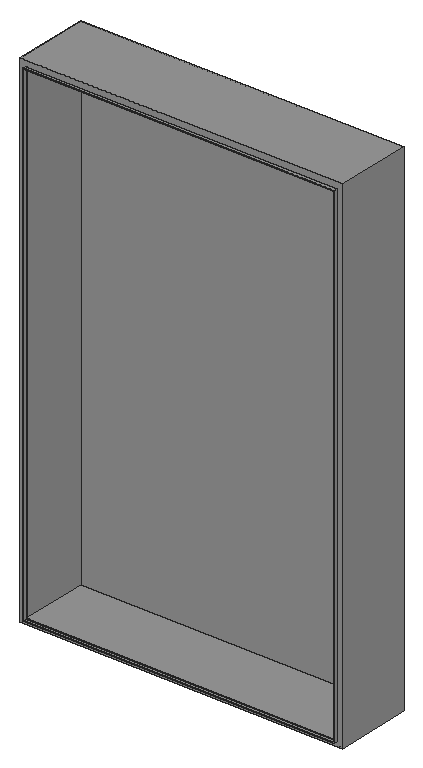
Revit family "Hager-Univers-IP30-D205-H1250-Cl.II-Encl-NoHosted-CH-de", category Equipement électrique, Revit 2020
Family settings
  Configuration du panneau = Deux colonnes, circuits au sein
  Cote de connecteur circulaire = Utiliser le diamètre
  Type d'élément = Tableau de raccordement
  Basée sur le plan de construction = Oui
  Toujours verticalement = Oui
  Couper avec des vides une fois chargée = Non
  Partagée = Non
  Point de calcul de pièce = Non
Parameters (values of type "Aufputz IP30 B800 H1250 T205  - FP83Q1S")
  Width Control [instance] = if([EF000008 - Breite] > Min Width, [EF000008 - Breite], Min Width)  # 800 mm
  Commentaires du type = [HG000003 - Bereich]  # "Univers"
  Thickness Door [instance] = if([EF009171 - Materialstärke Tür/Deckel] > 3 mm, 3 mm, [EF009171 - Materialstärke Tür/Deckel])  # 1 mm
  Seal Frame Offset [instance] = 17 mm  # constant formula
  Plinth Visibility [instance] = [HG000027 - Sockelhöhe] > 0 mm  # no
  Min Width [instance] = 100 mm  # constant formula
  Min Depth [instance] = (2 * [EF009170 - Materialstärke Gehäuse]) + 1 mm  # 3 mm
  Min Height [instance] = 100 mm  # constant formula
  Internal Frame Depth [instance] = (Door System Depth * 0.5)  # 9 mm
  Panel Name [instance] = ""  # (empty or 0)
  Model = ""
  HG000027 - Sockelhöhe = 0 mm
  HG000026 - Stehend auf dem Boden = no
  HG000024 - Höhe des unteren Teils = 600 mm
  HG000023 - Gehäuse mit doppeltem Querschnitt = no
  HG000016 - 3D-Türsichtbarkeit [instance] = yes
  HG000015 - Sichtbarkeit der Türöffnung [instance] = no
  HG000014 - Tür rechts [instance] = yes
  HG000013 - Tür links [instance] = not([HG000014 - Tür rechts])  # no
  HG000012 - Türschwenkwinkel [instance] = 30.00°
  HG000010 - Asymmetrische Türen = no
  HG000009 - Doppelflügeligen Tür = no
  HG000006 - Unterputz = no
  HG000004 - Herstellerreferenz = "FP83Q1S"
  HG000003 - Bereich = "Univers"
  HG000002 - Mit tür = no
  Frame Offset Bottom [instance] = 10 mm  # constant formula
  Frame Offset [instance] = 15 mm  # constant formula
  EF015940 - Deckel mit Überdruckentlastung = no
  EF011959 - Schutzart (NEMA) = ""
  EF009554 - Anzahl der Öffnungen für Flanschplatten = 6
  EF009212 - Ausführung Deckel = "EV009916 - mit Ausschnitt"
  EF009171 - Materialstärke Tür/Deckel = 1 mm
  EF009170 - Materialstärke Gehäuse = 1 mm
  EF008873 - Nennstrom (In) = 250 A
  EF007800 - Geeignet für Blitzschutz = no
  EF006306 - Mit Schloss = no
  EF006244 - Transparenter Deckel/Tür = no
  EF005474 - Schutzart (IP) = "EV006410 - IP30"
  EF004464 - Art der Tür = "EV000494 - ohne"
  EF004427 - Anzahl der Module = 288
  EF004293 - Schlagfestigkeit = "EV006813 - IK07"
  EF003532 - Geeignet für Außengebrauch = no
  EF002950 - Breite in Teilungseinheiten = 36
  EF001613 - Funktionserhalt = "EV000494 - ohne"
  EF001596 - Werkstoff des Gehäuses = "EV000179 - Stahl"
  EF001131 - Innentiefe = 130 mm
  EF001088 - Anbaumöglichkeit = yes
  EF000437 - Anzahl der Leitungseinführungen = 6
  EF000339 - Art der Abdeckung = "EV000494 - ohne"
  EF000266 - Anzahl der Reihen = 8
  EF000218 - Einbautiefe = 0 mm
  EF000118 - Mit Montageplatte = no
  EF000116 - RAL-Nummer = "9010"
  EF000049 - Tiefe = 205 mm
  EF000040 - Höhe = 1250 mm
  EF000008 - Breite = 800 mm
  EF000007 - Farbe = "EV000202 - weiß"
  EF000003 - Montageart = "EV000384 - Aufputz"
  Door System Leaf Tolerance [instance] = 1.5 mm  # constant formula
  Door System Depth [instance] = 18 mm  # constant formula
  Door Height [instance] = Height Control - [HG000027 - Sockelhöhe]  # 1250 mm
  Description = ""
  Default Elevation = 1219.2 mm
  Connector Offset [instance] = Height Control / 2  # 625 mm
  Fabricant = "Hager"  # constant formula
  Height Control [instance] = if([EF000040 - Höhe] > Min Height, [EF000040 - Höhe], Min Height)  # 1250 mm
  Depth Control [instance] = if([EF000049 - Tiefe] > Min Depth, [EF000049 - Tiefe], Min Depth)  # 205 mm
  Bottom Top Plate Trim [instance] = 1.5 mm  # constant formula
  Plinth height Ctrl [instance] = if([HG000027 - Sockelhöhe] > 0 mm, [HG000027 - Sockelhöhe], 12 mm)  # 12 mm
Types (5, lengths in mm): name | Width Control | HG000004 - Herstellerreferenz | EF009554 - Anzahl der Öffnungen für Flanschplatten | EF004427 - Anzahl der Module | EF002950 - Breite in Teilungseinheiten | EF000437 - Anzahl der Leitungseinführungen | EF000008 - Breite
  Aufputz IP30 B1050 H1250 T205  - FP84Q1S | 1050 | "FP84Q1S" | 8 | 384 | 48 | 8 | 1050
  Aufputz IP30 B1300 H1250 T205  - FP85Q1S | 1300 | "FP85Q1S" | 10 | 480 | 60 | 10 | 1300
  Aufputz IP30 B300 H1250 T205  - FP81Q1S | 300 | "FP81Q1S" | 2 | 96 | 12 | 2 | 300
  Aufputz IP30 B550 H1250 T205  - FP82Q1S | 550 | "FP82Q1S" | 4 | 192 | 24 | 4 | 550
  Aufputz IP30 B800 H1250 T205  - FP83Q1S | 800 | "FP83Q1S" | 6 | 288 | 36 | 6 | 800
Reference planes
  plane 1 "Center (Front/Back)": y = 0
  plane 2: z = 0
  plane 3 "Center (Left/Right)": x = 0
  plane 4: y = 0
  plane 5: y = 0
  plane 6: z = 0
  plane 7: x = -400
  plane 8: x = 400
  plane 9: x = 399
  plane 10: x = -399
  plane 11: z = 0
  plane 12: z = 1
  plane 13: y = -205
  plane 14: y = -1
  plane 15: x = 0
  plane 16: y = -187
  plane 17: y = -204
  plane 18: y = -186
  plane 19: x = -384
  plane 20: x = 384
  plane 21: z = 11
  plane 22: x = -383
  plane 23: x = 383
  plane 24: z = 0
  plane 25: z = 1250
  plane 26: z = 1250
  plane 27: z = 1234
  plane 28: z = 1249
Forms (mm)
  Extrusion 1, solid, material "Hager_Steel_RAL7035_Light_Grey", detail levels medium+fine
    sketch origin (-208.679, -4572, 0) x (-1, 0, 0) y (0, -1, 0)
      loop
        line (191.321, -4385) -> (-608.679, -4385) -> (-608.679, -4572) -> (191.321, -4572) -> (191.321, -4385)
    from 0 to 1250
  Extrusion 2, void
    sketch origin (-350.771, -205, 1219.2) x (1, 0, 0) y (0, 0, 1)
      loop
        line (-48.229, 29.8) -> (-48.229, -1218.2) -> (749.771, -1218.2) -> (749.771, 29.8) -> (-48.229, 29.8)
    from -19 to -204
  Extrusion 3, void
    sketch origin (-290.084, -187, 1219.2) x (1, 0, 0) y (0, 0, 1)
      loop
        line (-93.916, -1208.2) -> (674.084, -1208.2) -> (674.084, 14.8) -> (-93.916, 14.8) -> (-93.916, -1208.2)
    from 0 to -1
  Extrusion 4, solid, material "Hager_Steel_RAL7035_Light_Grey", visible <- "Plinth Visibility", detail levels medium+fine
    sketch origin (0, 0, 0) x (1, 0, 0) y (0, 1, 0)
      loop
        line (-400, 0) -> (-400, -187) -> (400, -187) -> (400, 0) -> (-400, 0)
    from 0 to 12 <- "Plinth height Ctrl"
  Extrusion 5, solid, material "Hager_Steel_RAL7035_Light_Grey", detail levels coarse
    sketch origin (0, 0, 0) x (1, 0, 0) y (0, 1, 0)
      loop
        line (-400, 0) -> (-400, -205) -> (400, -205) -> (400, 0) -> (-400, 0)
    from 0 to 1250 <- "Height Control"
  Sweep 6, void
    path in 3D
      loop
        line (-400, -187, 12) -> (400, -187, 12) -> (400, 0, 12) -> (-400, 0, 12) -> (-400, -187, 12)
    profile origin (-400, -93.5, 12) x (1, 0, 0) y (0, 0, 1)
      loop
        line (0, 0) -> (0, -1.5) -> (1.5, -1.5)
        arc (1.5, -1.5) -> (1.061, -0.439) -> (0, 0) r 1.5
  Extrusion 7, solid, material "Hager_Steel_RAL7035_Light_Grey", detail levels fine
    sketch origin (-400, -187, 0) x (1, 0, 0) y (0, 0, 1)
      loop
        line (16, 11) -> (784, 11) -> (784, 1234) -> (16, 1234) -> (16, 11)
      loop
        line (15, 10) -> (785, 10) -> (785, 1235) -> (15, 1235) -> (15, 10)
    from 0 to 9 <- "Internal Frame Depth"
Cuts and joins
  Extrusion 2, Extrusion 3 cuts Extrusion 1
  Sweep 6 cuts Extrusion 4
Lines and regions (mm)
  Masking region 1
    outline origin (0, 0, 0) x (1, 0, 0) y (0, 1, 0)
      loop
        line (-400, 0) -> (-400, -205) -> (400, -205) -> (400, 0) -> (-400, 0)
  Masking region 2, detail levels coarse
    outline origin (-290.084, -187, 1219.2) x (-1, 0, 0) y (0, 0, 1)
      loop
        line (-690.084, -1219.2) -> (109.916, -1219.2) -> (109.916, 30.8) -> (-690.084, 30.8) -> (-690.084, -1219.2)
  Masking region 3, detail levels coarse
    outline origin (0, 0, 0) x (0, 1, 0) y (0, 0, 1)
      loop
        line (0, 0) -> (0, 1250) -> (-205, 1250) -> (-205, 0) -> (0, 0)
  Masking region 4, visible <- "Plinth Visibility", detail levels medium+fine
    outline origin (0, 0, 0) x (0, 1, 0) y (0, 0, 1)
      loop
        line (-1.5, 12) -> (-185.5, 12)
        arc (-185.5, 12) -> (-185.939, 10.939) -> (-187, 10.5) r 1.5
        line (-187, 10.5) -> (-187, 0) -> (0, 0) -> (0, 10.5)
        arc (0, 10.5) -> (-1.061, 10.939) -> (-1.5, 12) r 1.5
  Masking region 5, detail levels medium+fine
    outline origin (0, 0, 594.038) x (0, 1, 0) y (0, 0, 1)
      loop
        line (0, -594.038) -> (0, 655.962) -> (-187, 655.962) -> (-187, -594.038) -> (0, -594.038)
  Masking region 6, detail levels medium+fine
    outline origin (-359.7, -187, 1211.883) x (-1, 0, 0) y (0, 0, 1)
      loop
        line (-759.7, -1211.883) -> (40.3, -1211.883) -> (40.3, 38.117) -> (-759.7, 38.117) -> (-759.7, -1211.883)
  Masking region 7, visible <- "Plinth Visibility", detail levels medium+fine
    outline origin (-320.334, -187, 1041.368) x (-1, 0, 0) y (0, 0, 1)
      loop
        line (-720.334, -1041.368) -> (79.666, -1041.368) -> (79.666, -1030.868)
        arc (79.666, -1030.868) -> (78.606, -1030.429) -> (78.166, -1029.368) r 1.5
        line (78.166, -1029.368) -> (-718.834, -1029.368)
        arc (-718.834, -1029.368) -> (-719.273, -1030.429) -> (-720.334, -1030.868) r 1.5
        line (-720.334, -1030.868) -> (-720.334, -1041.368)
  sketch lines
    curve 1: line (-400, 0, 12) -> (-400, -187, 12)
    curve 2: line (-400, -187, 12) -> (400, -187, 12)
    curve 3: line (400, 0, 12) -> (-400, 0, 12)
    curve 4: line (400, -187, 12) -> (400, 0, 12)
Dimensions and locks
  locked: plane 1 "Center (Front/Back)" to plane 5
  "EF009170 - Materialstärke Gehäuse": plane 7 to plane 10
  "EF009170 - Materialstärke Gehäuse": plane 8 to plane 9
  equal spacing: plane 7, plane 3 "Center (Left/Right)", plane 8
  "Width Control": plane 7 to plane 8
  "Depth Control": plane 4 to plane 13
  "EF009170 - Materialstärke Gehäuse": plane 4 to plane 14
  "Height Control": plane 25 to level
  "HG000027 - Sockelhöhe": plane 11 to level
  "EF009170 - Materialstärke Gehäuse": plane 12 to plane 11
  "EF009170 - Materialstärke Gehäuse": plane 17 to plane 13
  "EF009170 - Materialstärke Gehäuse": plane 18 to plane 16
  "Frame Offset Bottom": plane 21 to plane 12
  "Frame Offset": plane 10 to plane 19
  "Frame Offset": plane 9 to plane 20
  "Door System Depth": plane 16 to plane 13
  "Seal Frame Offset": plane 7 to plane 22
  "Seal Frame Offset": plane 8 to plane 23
  "EF009170 - Materialstärke Gehäuse": plane 26 to plane 28
  "Frame Offset": plane 28 to plane 27
  "Connector Offset": plane 2 to connector elem
  "Bottom Top Plate Trim": profile plane to Sweep 6 sketch curve
  "Bottom Top Plate Trim": Sweep 6 sketch curve to Sweep 6 sketch curve
  "Plinth height Ctrl": Masking region 4 sketch curve to level
  "Plinth height Ctrl": Masking region 7 sketch curve to level
  "Thickness Door": Extrusion 7 sketch curve to Extrusion 7 sketch curve  (x4)
  "Bottom Top Plate Trim": radius of Sweep 6 sketch curve
  "Bottom Top Plate Trim": radius of Masking region 4 sketch curve  (x2)
  "Bottom Top Plate Trim": radius of Masking region 7 sketch curve  (x2)
  aligned and locked: Extrusion 2 sketch curve to plane 12
  aligned and locked: Extrusion 2 sketch curve to plane 9
  aligned and locked: Extrusion 2 sketch curve to plane 10
  aligned and locked: Extrusion 2 to plane 14
  aligned and locked: Extrusion 1 sketch curve to plane 4
  aligned and locked: plane 8 to Extrusion 1 sketch curve
  aligned and locked: plane 7 to Extrusion 1 sketch curve
  aligned and locked: Extrusion 2 to plane 18
  aligned and locked: Extrusion 3 sketch curve to plane 19
  aligned and locked: plane 20 to Extrusion 3 sketch curve
  aligned and locked: Extrusion 3 to Extrusion 2
  aligned and locked: Extrusion 3 sketch curve to plane 21
  aligned and locked: plane 3 "Center (Left/Right)" to nested 1
  aligned and locked: Extrusion 1 sketch curve to plane 16
  aligned and locked: Extrusion 4 sketch curve to cut or joined group of Extrusion 1, Extrusion 2, Extrusion 3
  aligned and locked: Masking region 1 sketch curve to plane 7
  aligned and locked: Masking region 1 sketch curve to plane 5
  aligned and locked: Masking region 1 sketch curve to plane 8
  aligned and locked: Masking region 2 sketch curve to level
  aligned and locked: level to Masking region 3 sketch curve
  aligned and locked: plane 1 "Center (Front/Back)" to Masking region 3 sketch curve
  aligned and locked: plane 13 to Masking region 3 sketch curve
  aligned and locked: plane 5 to Masking region 4 sketch curve
  aligned and locked: Masking region 2 sketch curve to plane 8
  aligned and locked: Masking region 2 sketch curve to plane 7
  aligned and locked: plane 7 to nested 2
  aligned and locked: nested 2 to plane 5
  aligned and locked: plane 5 to Masking region 5 sketch curve
  aligned and locked: plane 26 to Masking region 5 sketch curve
  aligned and locked: Extrusion 5 sketch curve to plane 8
  aligned and locked: Extrusion 5 sketch curve to plane 7
  aligned and locked: Extrusion 5 sketch curve to plane 5
  aligned and locked: Extrusion 3 sketch curve to plane 27
  aligned and locked: Extrusion 2 sketch curve to plane 28
  aligned and locked: Masking region 2 to plane 25
  aligned and locked: Extrusion 4 to plane 16
  aligned and locked: profile plane to Sweep 6 sketch curve
  aligned and locked: Masking region 5 sketch curve to plane 24
  aligned and locked: level to Masking region 4 sketch curve
  aligned and locked: Masking region 1 to plane 13
  aligned and locked: nested 1 to plane 16
  aligned and locked: Masking region 3 to plane 25
  aligned and locked: plane 16 to Masking region 4 sketch curve
  aligned and locked: Masking region 5 sketch curve to plane 16
  aligned and locked: plane 24 to plane 11
  aligned and locked: plane 26 to plane 25
  aligned and locked: plane 26 to cut or joined group of Extrusion 1, Extrusion 2, Extrusion 3
  aligned and locked: nested 1 to plane 24
  aligned and locked: Extrusion 1 to Extrusion 3
  aligned and locked: Masking region 6 sketch curve to plane 8
  aligned and locked: Masking region 6 sketch curve to plane 24
  aligned and locked: Masking region 6 sketch curve to plane 7
  aligned and locked: Masking region 6 sketch curve to plane 26
  aligned and locked: Masking region 7 sketch curve to plane 7
  aligned and locked: level to Masking region 7 sketch curve
  aligned and locked: Masking region 7 sketch curve to plane 8
  aligned and locked: Extrusion 7 sketch curve to cut or joined group of Extrusion 1, Extrusion 2, Extrusion 3  (x4)
Automatic sketch dimensions
  plane 19 to Extrusion 3 sketch curve = 0 mm
  Extrusion 3 sketch curve to plane 20 = 0 mm
  Extrusion 3 sketch curve to plane 21 = 0 mm
  Extrusion 4 sketch curve to plane 7 = 0 mm
  Extrusion 4 sketch curve to plane 8 = 0 mm
  Extrusion 4 sketch curve to plane 16 = 0 mm
  Masking region 1 sketch curve to plane 13 = 0 mm
  Masking region 2 sketch curve to plane 25 = 0 mm
  Masking region 3 sketch curve to plane 25 = 0 mm
  Extrusion 5 sketch curve to plane 13 = 0 mm
  profile plane to Sweep 6 sketch curve = 0 mm
Nested families
  nested 1: "EC000058_Univers_Door" at (0, -187, 0), Double <- "HG000009 - Doppelflügeligen Tür", Transparent <- "EF006244 - Transparenter Deckel/Tür", Angle <- "HG000012 - Türschwenkwinkel", Door_Right <- "HG000014 - Tür rechts", Assymetrical <- "HG000010 - Asymmetrische Türen", Door <- "HG000002 - Mit tür", Width_Ctrl <- "Width Control", 3d_Door <- "HG000016 - 3D-Türsichtbarkeit", Clearance <- "HG000015 - Sichtbarkeit der Türöffnung", Door_Left <- "HG000013 - Tür links", Width <- "Width Control", Door_Depth <- "Door System Depth", Leaf_Tolerance <- "Door System Leaf Tolerance", Height <- "Door Height", Lock_Visibility <- "EF006306 - Mit Schloss", Thickness <- "Thickness Door", type "EC000058_Univers_Door", detail levels medium+fine
    with min_wh 3 mm, Width_Ctrl 800 mm, Width 800 mm, Transparent no, Thickness 1 mm, Seal_Material Hager_Rubber, Lock_Visibility no, Lock_Material Hager_Plastic_RAL9005_Jet_Black, Leaf_Width 800 mm, Leaf_Tolerance_External_Sides 0 mm, Leaf_Tolerance 1.5 mm, Leaf_Offset 0 mm, Leaf_Height 1247 mm, Leaf_2_Width 800 mm, Leaf_2_Offset 400 mm, Leaf_1_Width 800 mm, Leaf_1_Offset 400 mm, Height_Ctrl 1250 mm, Height 1250 mm, Glass_Material Hager_Glass, Double_Clearance_Ctrl no, Double no, Door_Right_Ctrl no, Door_Right yes, Door_Material Hager_Steel_RAL7035_Light_Grey, Door_Left_Ctrl no, Door_Left no, Door_Depth 18 mm, Door no, Clearance_Material Hager_Clearance, Clearance_Depth 800 mm, Clearance_Ctrl no, Clearance no, Assymetrical no, Angle 30.00°, 3d_Door yes
  nested 2: "Hager_Enclosure_Symbol" at (-400, 0, 0), Height <- "Depth Control", Width <- "Width Control", type "Hager_Enclosure_Symbol"
    with Width_Ctrl 800 mm, Width 800 mm, Height_Ctrl 205 mm, Height 205 mm, A_Width_Int 13.453 mm, A_Width 161.438 mm, A_Height_Ctrl 179.375 mm, A_Height 179.375 mm
Connectors
  electrical at (0, 0, 625)
    settings: on plane 1 "Center (Front/Back)", index 1, voltage 0 V, apparent load 0 VA, apparent load phase1 0 VA, apparent load phase2 0 VA, apparent load phase3 0 VA, power factor 1, load classification "Other", number of poles 1, system type 30, power factor state 1, is connector primary yes, connector utility no, sub classification motor no, connector description ""
Definition of nested family "EC000058_Univers_Door"
  Parameters (values of type "EC000058_Univers_Door")
    min_wh [instance] = (2 * Thickness) + 1 mm  # 11 mm
    Width_Ctrl [instance] = 400 mm
    Width [instance] = 500 mm
    Transparent [instance] = yes
    Thickness [instance] = 5 mm
    Seal_Material [instance] = none
    Lock_Visibility [instance] = yes
    Lock_Material [instance] = none
    Leaf_Width [instance] = if((Width_Ctrl - 2 * Leaf_Tolerance_External_Sides) > 0 mm, (Width_Ctrl - 2 * Leaf_Tolerance_External_Sides), min_wh)  # 400 mm
    Leaf_Tolerance_External_Sides [instance] = 0 mm  # constant formula
    Leaf_Tolerance [instance] = 1.5 mm
    Leaf_Offset [instance] = 0 mm  # constant formula
    Leaf_Height [instance] = if((Height_Ctrl - 2 * Leaf_Tolerance) > 0 mm, (Height_Ctrl - 2 * Leaf_Tolerance), min_wh)  # 497 mm
    Leaf_2_Width [instance] = if(and(and(Double, Assymetrical), Door_Left), (Leaf_Width / 3) - (Leaf_Tolerance / 2), if(and(and(Double, Assymetrical), Door_Right), (Leaf_Width / 3) * 2 - (Leaf_Tolerance / 2), if(and(Double, not(Assymetrical)), (Leaf_Width / 2) - Leaf_Tolerance, Leaf_Width)))  # 400 mm
    Leaf_2_Offset [instance] = if(and(Double, Assymetrical), Leaf_2_Width / 2, if(and(Double, not(Assymetrical)), Leaf_Width / 4, Leaf_Width / 2))  # 200 mm
    Leaf_1_Width [instance] = if(and(and(Double, Assymetrical), Door_Right), (Leaf_Width / 3) - (Leaf_Tolerance / 2), if(and(and(Double, Assymetrical), Door_Left), (Width / 3) * 2 - (Leaf_Tolerance / 2), if(and(Double, not(Assymetrical)), (Leaf_Width / 2) - Leaf_Tolerance, Leaf_Width)))  # 400 mm
    Leaf_1_Offset [instance] = if(and(Double, Assymetrical), Leaf_1_Width / 2, if(and(Double, not(Assymetrical)), Leaf_Width / 4, Leaf_Width / 2))  # 200 mm
    Height_Ctrl [instance] = if(Height > min_wh, Height, min_wh)  # 500 mm
    Height [instance] = 500 mm
    Glass_Material [instance] = none
    Double_Clearance_Ctrl [instance] = and(Double, Clearance)  # no
    Double [instance] = no
    Door_Right_Ctrl [instance] = and(or(Door_Right, Double), Door)  # yes
    Door_Right [instance] = yes
    Door_Material [instance] = none
    Door_Left_Ctrl [instance] = and(or(Door_Left, Double), Door)  # no
    Door_Left [instance] = no
    Door_Depth [instance] = 30 mm
    Door [instance] = yes
    Default Elevation = 1219.2 mm
    Clearance_Material [instance] = none
    Clearance_Depth [instance] = if(Leaf_1_Width > Leaf_2_Width, Leaf_1_Width, Leaf_2_Width)  # 400 mm
    Clearance_Ctrl [instance] = and(not(Double), Clearance)  # yes
    Clearance [instance] = yes
    Assymetrical [instance] = yes
    Angle [instance] = 30.00°
    3d_Door [instance] = yes
  Reference planes
    plane 1 "Center (Front/Back)": y = 0
    plane 2 "Bottom": z = 0
    plane 3 "Center (Left/Right)": x = 0
    plane 4: z = 500
    plane 5: x = -200
    plane 6: x = 200
    plane 7: z = 500
    plane 8: x = -200
    plane 9: z = 0
    plane 10: x = 200
    plane 11: y = 0
    plane 12: z = 1.5
    plane 13: x = -600
    plane 14: y = -400
    plane 15: x = 600
    plane 16: x = 0
    plane 17: x = 0
    plane 18: x = -200
    plane 19: x = 200
    plane 20: z = 498.5
  Forms (mm)
    Extrusion 1, solid, material <- "Clearance_Material", visible <- "Double_Clearance_Ctrl"
      sketch origin (1200, 0, 0) x (1, 0, 0) y (0, 0, -1)
        loop
          line (-1800, -498.5) -> (-600, -498.5) -> (-600, 0) -> (-1800, 0) -> (-1800, -498.5)
      from 0 to -400
  Dimensions and locks
    equal spacing: plane 5, plane 3 "Center (Left/Right)", plane 6
    "Width_Ctrl": plane 5 to plane 6
    "Leaf_Offset": plane 5 to plane 8
    "Leaf_Offset": plane 6 to plane 10
    "Leaf_Offset": plane 9 to level
    "Leaf_Offset": plane 4 to plane 7
    "Height_Ctrl": plane 4 to level
    "Leaf_Tolerance": plane 12 to plane 9
    locked: plane 11 to plane 1 "Center (Front/Back)"
    "Leaf_1_Offset": plane 18 to plane 16
    "Leaf_2_Offset": plane 17 to plane 19
    "Leaf_1_Width": plane 13 to plane 8
    "Leaf_2_Width": plane 10 to plane 15
    "Clearance_Depth": plane 14 to plane 1 "Center (Front/Back)"
    "Leaf_Tolerance_External_Sides": plane 8 to plane 18
    "Leaf_Tolerance_External_Sides": plane 19 to plane 10
    "Leaf_Tolerance": plane 7 to plane 20
    aligned and locked: level to plane 2 "Bottom"
    aligned and locked: nested 1 to plane 16
    aligned and locked: nested 2 to plane 17
    aligned and locked: Extrusion 1 to plane 13
    aligned and locked: plane 15 to Extrusion 1
    aligned and locked: Extrusion 1 to plane 14
    aligned and locked: plane 12 to nested 1
    aligned and locked: nested 2 to plane 12
    aligned and locked: Extrusion 1 to plane 11
    aligned and locked: plane 20 to Extrusion 1
    aligned and locked: nested 2 to plane 11
    aligned and locked: nested 1 to plane 11
  Automatic sketch dimensions
    Extrusion 1 sketch curve to level = 0 mm
    plane 5 to Extrusion 1 sketch curve = 400 mm
    plane 6 to Extrusion 1 sketch curve = 400 mm
    Extrusion 1 sketch curve to plane 4 = 1.5 mm
  Nested families
    nested 1: "EC000058_Univers_Door_Leaf" at (0, 0, 1.5), Width <- "Leaf_1_Width", visible <- "Door_Left_Ctrl", Leaf_Height <- "Leaf_Height", Angle <- "Angle", 3d_Door <- "3d_Door", Transparent <- "Transparent", Clearance Material <- "Clearance_Material", Clearance <- "Clearance_Ctrl", Door_Material <- "Door_Material", Glass_Material <- "Glass_Material", Door_Depth <- "Door_Depth", Lock_Material <- "Lock_Material", Seal_Material <- "Seal_Material", Lock_Visibility <- "Lock_Visibility", Thickness <- "Thickness", type "EC000058_Univers_Door_Leaf"
      with Width 400 mm, Transparent_Glass_Offset 30 mm, Transparent_Ctrl yes, Transparent yes, Thickness 5 mm, Standard no, Seal_Material none, Seal_D2 8 mm, Seal_D1 1 mm, Offset_Internal_Frame 10 mm, Lock_Width 20 mm, Lock_Visibility_3d yes, Lock_Visibility yes, Lock_Thickness_3 3 mm, Lock_Thickness_2 1 mm, Lock_Thickness_1 3 mm, Lock_Radius_Offset_2 16 mm, Lock_Radius_Offset_1 15 mm, Lock_Radius_2 5 mm, Lock_Radius 6 mm, Lock_Offset 5 mm, Lock_Material none, Lock_Height 80 mm, Lock_Cover_Top_Offset_2d 17 mm, Lock_Cover_Height -65 mm, Leaf_Height 497 mm, Internal_Seal_Thickness 8 mm, Internal_Seal_Depth_2 4.5 mm, Internal_Frame_Depth 25 mm, Glass_Thickness -1 mm, Glass_Offset -2 mm, Glass_Material none, Door_Material none, Door_Depth 30 mm, Clearance Material none, Clearance yes, Angle_Ctrl 30.00°, Angle 30.00°, 3d_Door yes
    nested 2: "EC000058_Univers_Door_Leaf" at (0, 0, 1.5) x (-1, 0, 0) z (0, 0, 1), Width <- "Leaf_2_Width", visible <- "Door_Right_Ctrl", Leaf_Height <- "Leaf_Height", Angle <- "Angle", 3d_Door <- "3d_Door", Transparent <- "Transparent", Clearance Material <- "Clearance_Material", Clearance <- "Clearance_Ctrl", Door_Material <- "Door_Material", Glass_Material <- "Glass_Material", Door_Depth <- "Door_Depth", Lock_Material <- "Lock_Material", Seal_Material <- "Seal_Material", Lock_Visibility <- "Lock_Visibility", Thickness <- "Thickness", type "EC000058_Univers_Door_Leaf"
      with Width 400 mm, Transparent_Glass_Offset 30 mm, Transparent_Ctrl yes, Transparent yes, Thickness 5 mm, Standard no, Seal_Material none, Seal_D2 8 mm, Seal_D1 1 mm, Offset_Internal_Frame 10 mm, Lock_Width 20 mm, Lock_Visibility_3d yes, Lock_Visibility yes, Lock_Thickness_3 3 mm, Lock_Thickness_2 1 mm, Lock_Thickness_1 3 mm, Lock_Radius_Offset_2 16 mm, Lock_Radius_Offset_1 15 mm, Lock_Radius_2 5 mm, Lock_Radius 6 mm, Lock_Offset 5 mm, Lock_Material none, Lock_Height 80 mm, Lock_Cover_Top_Offset_2d 17 mm, Lock_Cover_Height -65 mm, Leaf_Height 497 mm, Internal_Seal_Thickness 8 mm, Internal_Seal_Depth_2 4.5 mm, Internal_Frame_Depth 25 mm, Glass_Thickness -1 mm, Glass_Offset -2 mm, Glass_Material none, Door_Material none, Door_Depth 30 mm, Clearance Material none, Clearance yes, Angle_Ctrl 30.00°, Angle 30.00°, 3d_Door yes
  Definition of nested family "EC000058_Univers_Door_Leaf"
    Parameters (values of type "EC000058_Univers_Door_Leaf")
      Width [instance] = 2000 mm
      Transparent_Glass_Offset [instance] = 30 mm
      Transparent_Ctrl [instance] = and(Transparent, [3d_Door])  # yes
      Transparent [instance] = yes
      Thickness [instance] = 5 mm
      Standard [instance] = and(not(Transparent), [3d_Door])  # no
      Seal_Material [instance] = none
      Seal_D2 [instance] = 8 mm  # constant formula
      Seal_D1 [instance] = 1 mm  # constant formula
      Offset_Internal_Frame [instance] = 10 mm  # constant formula
      Lock_Width [instance] = 20 mm  # constant formula
      Lock_Visibility_3d [instance] = and(Lock_Visibility, [3d_Door])  # yes
      Lock_Visibility [instance] = yes
      Lock_Thickness_3 [instance] = 3 mm  # constant formula
      Lock_Thickness_2 [instance] = 1 mm  # constant formula
      Lock_Thickness_1 [instance] = 3 mm  # constant formula
      Lock_Radius_Offset_2 [instance] = Lock_Radius_Offset_1 + 1 mm  # 16 mm
      Lock_Radius_Offset_1 [instance] = 15 mm  # constant formula
      Lock_Radius_2 [instance] = Lock_Radius - 1 mm  # 5 mm
      Lock_Radius [instance] = 6 mm  # constant formula
      Lock_Offset [instance] = 5 mm  # constant formula
      Lock_Material [instance] = none
      Lock_Height [instance] = 80 mm  # constant formula
      Lock_Cover_Top_Offset_2d [instance] = Lock_Radius_Offset_2 + 1 mm  # 17 mm
      Lock_Cover_Height [instance] = -(Lock_Height - Lock_Radius_Offset_1)  # -65 mm
      Leaf_Height [instance] = 2720.336 mm
      Internal_Seal_Thickness [instance] = 8 mm  # constant formula
      Internal_Seal_Depth_2 [instance] = 4.5 mm  # constant formula
      Internal_Frame_Depth [instance] = if(Door_Depth - Thickness > 5 mm, Door_Depth - Thickness, 5 mm)  # 25 mm
      Glass_Thickness [instance] = if(Thickness > 15 mm, Glass_Offset + 10 mm, -1 mm)  # -1 mm
      Glass_Offset [instance] = if(Thickness > 15 mm, -(Thickness + 10 mm) / 2, -2 mm)  # -2 mm
      Glass_Material [instance] = none
      Door_Material [instance] = none
      Door_Depth [instance] = 30 mm
      Default Elevation = 0 mm
      Clearance Material [instance] = none
      Clearance [instance] = yes
      Angle_Ctrl [instance] = if(Angle > 180.00°, 180.00°, Angle)  # 90.00°
      Angle [instance] = 90.00°
      3d_Door [instance] = yes
    Reference planes
      plane 1 "Center (Front/Back)": y = 0
      plane 2: z = 0
      plane 3 "Center (Left/Right)": x = 0
      plane 4: y = 2000
      plane 5: x = -1000
      plane 6: x = 1000
      plane 7: x = -3000
      plane 8: z = 2720.336
      plane 9: z = 30
      plane 10: z = 2690.336
      plane 11: x = 970
      plane 12: x = -970
      plane 13: y = -3
      plane 14: z = 107.833
      plane 15: y = -5
      plane 16: y = -223.314
      plane 17: x = -1000
      plane 18: z = 1360.168
      plane 19: y = 30
    Forms (mm)
      Extrusion 1, solid, material <- "Clearance Material", visible <- "Clearance"
        sketch origin (0, 0, 0) x (1, 0, 0) y (0, 0, 1)
          loop
            line (-3000, 2720.336) -> (-3000, 0) -> (1000, 0) -> (1000, 2720.336) -> (-3000, 2720.336)
        from 0 to -2000
      Extrusion 2, solid, material <- "Door_Material", visible <- "Standard", detail levels medium+fine
        sketch origin (-1000, 0, 0) x (0, 1, 0) y (-1, 0, 0)
          loop
            line (0, 30) -> (0, 25) -> (2000, 25) -> (2000, 30) -> (0, 30)
        from 0 to 2720.336 <- "Leaf_Height"
      Extrusion 3, solid, material <- "Door_Material", visible <- "Transparent_Ctrl", detail levels medium+fine
        sketch origin (-1000, 0, 0) x (0, 1, 0) y (-1, 0, 0)
          loop
            line (0, 25) -> (2000, 25) -> (2000, 30) -> (0, 30) -> (0, 25)
        from 0 to 2720.336 <- "Leaf_Height"
      Extrusion 4, void
        sketch origin (-1025, 2000, 0) x (0, 1, 0) y (0, 0, -1)
          loop
            line (-30, -2690.336) -> (-30, -30) -> (-1970, -30) -> (-1970, -2690.336) -> (-30, -2690.336)
        from 0 to 5 <- "Thickness"
      Sweep 5, solid, material <- "Seal_Material", visible <- "Transparent_Ctrl", detail levels fine
        path in 3D
          loop
            line (-1025, 30, 30) -> (-1025, 30, 2690.336) -> (-1025, 1970, 2690.336) -> (-1025, 1970, 30) -> (-1025, 30, 30)
        profile origin (-1025, 1000, 30) x (1, 0, 0) y (0, 0, 1)
          loop
            line (0, 0) -> (0, -8) -> (1, -8) -> (1, 0) -> (0, 0)
      Extrusion 6, solid, material <- "Glass_Material", visible <- "Transparent_Ctrl", detail levels medium+fine
        sketch origin (-1030, 0, 0) x (0, 1, 0) y (0, 0, -1)
          loop
            line (1970, -2690.336) -> (1970, -30) -> (30, -30) -> (30, -2690.336) -> (1970, -2690.336)
        from -2 <- "Glass_Offset" to -1 <- "Glass_Thickness"
      Extrusion 7, solid, material <- "Door_Material", visible <- "3d_Door", detail levels medium+fine
        sketch origin (-1025, 2000, 0) x (0, -1, 0) y (0, 0, -1)
          loop
            line (0, -2720.336) -> (2000, -2720.336) -> (2000, 0) -> (0, 0) -> (0, -2720.336)
          loop
            line (1995, -5) -> (5, -5) -> (5, -2715.336) -> (1995, -2715.336) -> (1995, -5)
        from 0 to 25 <- "Internal_Frame_Depth"
      Sweep 8, solid, material <- "Seal_Material", visible <- "Transparent_Ctrl", detail levels fine
        path in 3D
          loop
            line (-1025, 0, 0) -> (-1025, 2000, 0) -> (-1025, 2000, 2720.336) -> (-1025, 0, 2720.336) -> (-1025, 0, 0)
        profile origin (-1025, 0, 1360.168) x (1, 0, 0) y (0, 1, 0)
          loop
            line (0, 10) -> (2.975, 10)
            arc (2.975, 10) -> (4.053, 10.447) -> (4.5, 11.525) r 1.525
            line (4.5, 11.525) -> (4.5, 16.527)
            arc (4.5, 16.527) -> (4.069, 17.569) -> (3.027, 18) r 1.473
            line (3.027, 18) -> (0, 18) -> (0, 10)
      Extrusion 9, solid, material <- "Lock_Material", visible <- "Lock_Visibility_3d", detail levels fine
        sketch origin (-1030, 0, 0) x (0, 1, 0) y (0, 0, -1)
          loop
            arc (1993.5, -1400.168) -> (1994.561, -1399.729) -> (1995, -1398.668) r 1.5
            line (1995, -1398.668) -> (1995, -1320.168) -> (1975, -1320.168) -> (1975, -1398.668)
            arc (1975, -1398.668) -> (1975.439, -1399.729) -> (1976.5, -1400.168) r 1.5
            line (1976.5, -1400.168) -> (1993.5, -1400.168)
        from 3 <- "Lock_Thickness_1" to 0
      Blend 10, solid, material <- "Lock_Material", visible <- "Lock_Visibility_3d", detail levels fine
        base sketch origin (-1033, 0, 0) x (0, 1, 0) y (0, 0, -1)
          loop
            line (1975, -1320.168) -> (1975, -1398.668)
            arc (1975, -1398.668) -> (1975.439, -1399.729) -> (1976.5, -1400.168) r 1.5
            line (1976.5, -1400.168) -> (1993.5, -1400.168)
            arc (1993.5, -1400.168) -> (1994.561, -1399.729) -> (1995, -1398.668) r 1.5
            line (1995, -1398.668) -> (1995, -1320.168) -> (1975, -1320.168)
        top sketch origin (-1033, 0, 0) x (0, 1, 0) y (0, 0, -1)
          loop
            line (1976, -1320.168) -> (1976, -1398.668)
            arc (1976, -1398.668) -> (1976.146, -1399.022) -> (1976.5, -1399.168) r 0.5
            line (1976.5, -1399.168) -> (1993.5, -1399.168)
            arc (1993.5, -1399.168) -> (1993.854, -1399.022) -> (1994, -1398.668) r 0.5
            line (1994, -1398.668) -> (1994, -1320.168) -> (1976, -1320.168)
        from 0 to 1 <- "Lock_Thickness_2"
      Blend 11, solid, material <- "Lock_Material", visible <- "Lock_Visibility_3d", detail levels fine
        base sketch origin (-1034, 0, 0) x (0, 1, 0) y (0, 0, -1)
          loop
            line (1978, -1320.168) -> (1978, -1384.168)
            arc (1978, -1384.168) -> (1985, -1391.168) -> (1992, -1384.168) r 7
            line (1992, -1384.168) -> (1992, -1320.168) -> (1978, -1320.168)
        top sketch origin (-1034, 0, 0) x (0, 1, 0) y (0, 0, -1)
          loop
            line (1991, -1320.168) -> (1979, -1320.168) -> (1979, -1383.168)
            arc (1979, -1383.168) -> (1985, -1389.168) -> (1991, -1383.168) r 6
            line (1991, -1383.168) -> (1991, -1320.168)
        from 0 to 3 <- "Lock_Thickness_3"
      Extrusion 12, solid, material <- "Lock_Material", visible <- "Lock_Visibility_3d", detail levels fine
        sketch origin (-1030, 1975, 1320.168) x (1, 0, 0) y (0, -1, 0)
          loop
            line (-7, -19) -> (-7, -1) -> (0, -1) -> (0, 0) -> (-8, 0) -> (-8, -20) -> (0, -20) -> (0, -19) -> (-7, -19)
        from 0 to -65 <- "Lock_Cover_Height"
      Extrusion 13, void
        sketch origin (-1038, 1995, 1320.168) x (-1, 0, 0) y (0, 0, -1)
          loop
            line (-5, -65) -> (0, -65) -> (-5, -60) -> (-5, -65)
        from 0 to 20 <- "Lock_Width"
      Extrusion 14, void
        sketch origin (-1038, 1975, 1320.168) x (0, -1, 0) y (0, 0, -1)
          loop
            circle (-10, -15.995) r 6
          loop
            circle (-10, -15.995) r 5
        from 0 to 2
      Extrusion 15, solid, material <- "Lock_Material", visible <- "Lock_Visibility_3d", detail levels medium
        sketch origin (-1030, 0, 0) x (0, 1, 0) y (0, 0, -1)
          loop
            arc (1993.5, -1400.168) -> (1994.561, -1399.729) -> (1995, -1398.668) r 1.5
            line (1995, -1398.668) -> (1995, -1320.168) -> (1975, -1320.168) -> (1975, -1398.668)
            arc (1975, -1398.668) -> (1975.439, -1399.729) -> (1976.5, -1400.168) r 1.5
            line (1976.5, -1400.168) -> (1993.5, -1400.168)
        from 8 to 0
    Cuts and joins
      Extrusion 4 cuts Extrusion 3
      Extrusion 13, Extrusion 14 cuts Extrusion 9
      Extrusion 14 cuts Blend 11
      Extrusion 13, Extrusion 14 cuts Extrusion 12
      joined: Extrusion 9, Blend 10, Blend 11, Extrusion 12
      Extrusion 14 cuts Extrusion 15
    Lines and regions (mm)
      Masking region 1, visible <- "Lock_Visibility", detail levels fine
        outline origin (0, 0, 0) x (0, 1, 0) y (0, 0, 1)
          loop
            line (30, 1320.168) -> (33, 1320.168) -> (33, 1400.168) -> (30, 1400.168) -> (30, 1320.168)
      Masking region 2, visible <- "Lock_Visibility", detail levels fine
        outline origin (0, 3.143, 0) x (0, 1, 0) y (0, 0, 1)
          loop
            line (29.857, 1354.168) -> (30.857, 1354.168) -> (30.857, 1366.168) -> (29.857, 1366.168) -> (29.857, 1354.168)
      Masking region 3, detail levels medium+fine
        outline origin (0, 0, 0) x (0, 1, 0) y (0, 0, 1)
          loop
            line (0, 0) -> (30, 0) -> (30, 2720.336) -> (0, 2720.336) -> (0, 0)
      Masking region 4, detail levels medium+fine
        outline origin (0, 0, 0) x (1, 0, 0) y (0, 0, 1)
          loop
            line (-1000, 2720.336) -> (-1000, 0) -> (1000, 0) -> (1000, 2720.336) -> (-1000, 2720.336)
      Masking region 5, visible <- "Lock_Visibility", detail levels fine
        outline origin (-47.116, 0, 0) x (1, 0, 0) y (0, 0, 1)
          loop
            arc (1024.616, 1399.168) -> (1023.556, 1398.729) -> (1023.116, 1397.668) r 1.5
            line (1023.116, 1397.668) -> (1023.116, 1320.168) -> (1041.116, 1320.168) -> (1041.116, 1397.668)
            arc (1041.116, 1397.668) -> (1040.677, 1398.729) -> (1039.616, 1399.168) r 1.5
            line (1039.616, 1399.168) -> (1024.616, 1399.168)
      Masking region 6, visible <- "Lock_Visibility", detail levels medium+fine
        outline origin (-25, 0, 0) x (1, 0, 0) y (0, 0, 1)
          loop
            arc (1001.5, 1400.168) -> (1000.439, 1399.729) -> (1000, 1398.668) r 1.5
            line (1000, 1398.668) -> (1000, 1320.168) -> (1020, 1320.168) -> (1020, 1398.668)
            arc (1020, 1398.668) -> (1019.561, 1399.729) -> (1018.5, 1400.168) r 1.5
            line (1018.5, 1400.168) -> (1001.5, 1400.168)
      Masking region 7, visible <- "Lock_Visibility", detail levels fine
        outline origin (-73.735, 0, 0) x (1, 0, 0) y (0, 0, 1)
          loop
            line (1051.735, 1382.168) -> (1065.735, 1382.168) -> (1065.735, 1384.168)
            arc (1065.735, 1384.168) -> (1058.735, 1391.168) -> (1051.735, 1384.168) r 7
            line (1051.735, 1384.168) -> (1051.735, 1382.168)
      Masking region 8, visible <- "Lock_Visibility", detail levels fine
        outline origin (-73.735, 0, 0) x (1, 0, 0) y (0, 0, 1)
          loop
            line (1052.735, 1382.168) -> (1064.735, 1382.168) -> (1064.735, 1383.168)
            arc (1064.735, 1383.168) -> (1058.735, 1389.168) -> (1052.735, 1383.168) r 6
            line (1052.735, 1383.168) -> (1052.735, 1382.168)
      Masking region 9, visible <- "Lock_Visibility", detail levels fine
        outline origin (-25, 0, 0) x (1, 0, 0) y (0, 0, 1)
          loop
            line (1020, 1320.168) -> (1020, 1382.168) -> (1000, 1382.168) -> (1000, 1320.168) -> (1020, 1320.168)
      Masking region 10, detail levels medium+fine
        outline origin (0, 0, 0) x (1, 0, 0) y (0, 0, 1)
          loop
            circle (985, 1335.144) r 6
      Masking region 11, detail levels fine
        outline origin (0, 0, 0) x (1, 0, 0) y (0, 0, 1)
          loop
            circle (985, 1335.144) r 5
      Masking region 12, visible <- "Lock_Visibility", detail levels fine
        outline origin (0, 12.767, 0) x (0, 1, 0) y (0, 0, 1)
          loop
            line (20.233, 1320.168) -> (21.233, 1320.168) -> (21.233, 1399.168) -> (20.233, 1400.168) -> (20.233, 1320.168)
      Masking region 13, visible <- "Lock_Visibility", detail levels fine
        outline origin (0, 13.767, -10) x (0, 1, 0) y (0, 0, 1)
          loop
            line (20.233, 1330.168) -> (23.233, 1330.168) -> (23.233, 1399.168) -> (20.233, 1402.168) -> (20.233, 1330.168)
      Masking region 14, visible <- "Lock_Visibility", detail levels fine
        outline origin (0, 12.767, -10) x (0, 1, 0) y (0, 0, 1)
          loop
            line (20.233, 1330.168) -> (25.233, 1330.168) -> (25.233, 1399.305) -> (20.233, 1394.305) -> (20.233, 1330.168)
      Masking region 15, visible <- "Lock_Visibility", detail levels medium
        outline origin (0, 0, 0) x (0, 1, 0) y (0, 0, 1)
          loop
            line (30, 1320.168) -> (38, 1320.168) -> (38, 1400.168) -> (30, 1400.168) -> (30, 1320.168)
      Masking region 16, visible <- "Lock_Visibility", detail levels fine
        outline origin (-1000, 0, 0) x (0, 1, 0) y (-1, 0, 0)
          loop
            line (1975, 30) -> (1995, 30) -> (1995, 38) -> (1975, 38) -> (1975, 30)
          loop
            line (1979, 37) -> (1976, 37) -> (1976, 34) -> (1978, 34) -> (1979, 37)
          loop
            line (1994, 37) -> (1991, 37) -> (1992, 34) -> (1994, 34) -> (1994, 37)
      Masking region 17, visible <- "Lock_Visibility", detail levels medium
        outline origin (-1000, 0, 0) x (0, 1, 0) y (-1, 0, 0)
          loop
            line (1975, 30) -> (1995, 30) -> (1995, 38) -> (1975, 38) -> (1975, 30)
      symbolic lines
        curve 1: line (1000, 0, 0) -> (-3000, 0, 0)
        curve 2: arc (1000, 0, 0) -> (-1000, 2000, 0) -> (-3000, 0, 0) r 2000
        curve 4: line (-1030, 0, 0) -> (-1030, 2000, 0)
      reference lines
        curve 3: line (-1000, 0, 0) -> (-1000, 2000, 0)
      symbolic lines, detail levels medium+fine
        curve 5: line (-1030, 2000, 0) -> (-1025, 2000, 0)
        curve 7: line (-1025, 0, 0) -> (-1030, 0, 0)
        curve 8: line (-1025, 0, 0) -> (-1000, 0, 0)
        curve 9: line (-1000, 0, 0) -> (-1000, 2000, 0)
        curve 10: line (-1000, 2000, 0) -> (-1025, 2000, 0)
      symbolic lines, detail levels fine
        curve 6: line (-1025, 2000, 0) -> (-1025, 0, 0)
      sketch lines
        curve 11: line (-1025, 0, 2720.336) -> (-1025, 0, 0)
        curve 12: line (-1025, 2000, 0) -> (-1025, 0, 0)
        curve 13: line (-1025, 2000, 2720.336) -> (-1025, 2000, 0)
        curve 14: line (-1025, 0, 2720.336) -> (-1025, 2000, 2720.336)
        curve 15: line (-1025, 1970, 30) -> (-1025, 30, 30)
        curve 16: line (-1025, 30, 30) -> (-1025, 30, 2690.336)
        curve 17: line (-1025, 1970, 2690.336) -> (-1025, 1970, 30)
        curve 18: line (-1025, 30, 2690.336) -> (-1025, 1970, 2690.336)
      symbolic lines, visible <- "Transparent", detail levels medium+fine
        curve 19: line (-970, 0, 2690.336) -> (970, 0, 2690.336)
        curve 20: line (-970, 0, 30) -> (-970, 0, 2690.336)
        curve 21: line (970, 0, 30) -> (-970, 0, 30)
        curve 22: line (970, 0, 2690.336) -> (970, 0, 30)
    Dimensions and locks
      "Width": plane 1 "Center (Front/Back)" to plane 4
      equal spacing: plane 5, plane 3 "Center (Left/Right)", plane 6
      "Width": plane 5 to plane 6
      "Width": plane 7 to plane 5
      "Leaf_Height": plane 8 to level
      "Width": curve 5 to curve 3
      "Width": curve 3 to curve 3
      plane 8 to plane 10 = 30 mm
      plane 9 to level = 30 mm
      plane 12 to plane 5 = 30 mm
      plane 6 to plane 11 = 30 mm
      Extrusion 1 to Extrusion 4 sketch curve = 30 mm
      "Transparent_Glass_Offset": curve 3 to Extrusion 4 sketch curve
      "Transparent_Glass_Offset": Extrusion 4 sketch curve to cut or joined group of Extrusion 3, Extrusion 4  (x2)
      cut or joined group of Extrusion 3, Extrusion 4 to Extrusion 6 sketch curve = 30 mm
      "Transparent_Glass_Offset": cut or joined group of Extrusion 3, Extrusion 4 to Extrusion 4 sketch curve
      "Thickness": curve 6 to curve 4
      "Thickness": Extrusion 7 sketch curve to Extrusion 7 sketch curve  (x4)
      "Door_Depth": curve 4 to curve 3
      "Offset_Internal_Frame": profile plane to Sweep 8 sketch curve
      "Internal_Seal_Thickness": Sweep 8 sketch curve to Sweep 8 sketch curve
      "Internal_Seal_Depth_2": profile plane to Sweep 8 sketch curve
      "Seal_D1": profile plane to Sweep 5 sketch curve
      "Seal_D2": profile plane to Sweep 5 sketch curve
      "Thickness": Extrusion 2 sketch curve to Extrusion 2 sketch curve
      equal spacing: Extrusion 9 sketch curve, plane 18, Extrusion 9 sketch curve  (x2)
      equal spacing: Masking region 1 sketch curve, plane 18, Masking region 1 sketch curve
      "Lock_Height": Masking region 1 sketch curve to Masking region 1 sketch curve
      "Lock_Radius": Masking region 2 sketch curve to plane 18 to Masking region 2 sketch curve
      Masking region 2 sketch curve to Masking region 1 = 1 mm
      "Door_Depth": plane 19 to plane 1 "Center (Front/Back)"
      "Lock_Thickness_1": Masking region 1 sketch curve to plane 19
      "Lock_Width": Extrusion 9 sketch curve to Extrusion 9 sketch curve
      "Lock_Height": Extrusion 9 sketch curve to Extrusion 9 sketch curve
      "Lock_Offset": cut or joined group of Extrusion 3, Extrusion 4 to Extrusion 9 sketch curve
      equal spacing: plane 8, plane 18, level
      "Lock_Radius_Offset_1": Blend 11 sketch curve to Blend 10
      locked: Blend 10 to Blend 11 sketch curve at 2  (x2)
      locked: var sketch to Blend 11 sketch curve at 1  (x2)
      "Lock_Radius_Offset_2": Blend 11 sketch curve to Blend 10
      locked: Extrusion 12 sketch curve to Extrusion 12 sketch curve at 1  (x3)
      Masking region 6 sketch curve to Masking region 6 sketch curve = 80 mm
      "Lock_Height": Masking region 6 sketch curve to Masking region 6 sketch curve
      "Lock_Width": Masking region 6 sketch curve to Masking region 6 sketch curve
      locked: Masking region 6 to Masking region 5 sketch curve at 1  (x3)
      locked: Masking region 5 to Masking region 7 sketch curve at 2  (x2)
      "Lock_Radius_Offset_1": Masking region 5 to Masking region 7 sketch curve
      "Lock_Radius_Offset_2": Masking region 5 to Masking region 8 sketch curve
      locked: Masking region 7 to Masking region 8 sketch curve at 1  (x2)
      "Lock_Cover_Top_Offset_2d": Masking region 5 to Masking region 9 sketch curve
      equal spacing: Masking region 9, Masking region 10 sketch curve, Masking region 9
      equal spacing: Masking region 9, Masking region 11 sketch curve, Masking region 9
      Extrusion 15 sketch curve to Extrusion 15 sketch curve = 80 mm
      "Lock_Width": Extrusion 15 sketch curve to Extrusion 15 sketch curve
      "Lock_Height": Extrusion 15 sketch curve to Extrusion 15 sketch curve
      equal spacing: Extrusion 15 sketch curve, plane 18, Extrusion 15 sketch curve
      "Lock_Thickness_3": Masking region 13 sketch curve to Masking region 13 sketch curve
      "Lock_Height": Masking region 12 sketch curve to Masking region 12 sketch curve
      locked: Masking region 13 sketch curve to Masking region 1 at 8
      locked: Masking region 14 sketch curve to Masking region 13 at 1
      locked: Masking region 14 sketch curve to Masking region 1 at 10.863
      "Lock_Height": Masking region 15 sketch curve to Masking region 15 sketch curve
      "Lock_Offset": Extrusion 15 sketch curve to cut or joined group of Extrusion 3, Extrusion 4
      "Lock_Offset": plane 6 to Masking region 6 sketch curve
      radius of Sweep 8 sketch curve = 1.525 mm
      radius of Sweep 8 sketch curve = 1.473 mm
      radius of Extrusion 9 sketch curve = 1.5 mm  (x2)
      "Lock_Radius": radius of Extrusion 14 sketch curve
      "Lock_Radius_2": radius of Extrusion 14 sketch curve
      "Lock_Radius": radius of Masking region 10 sketch curve
      "Lock_Radius_2": radius of Masking region 11 sketch curve
      radius of Extrusion 15 sketch curve = 1.5 mm  (x2)
      "Angle_Ctrl": angle plane 1 "Center (Front/Back)" to curve 3
      locked: Masking region 12 sketch curve to Masking region 12 sketch curve (angle 45.00°)
      locked: Masking region 13 sketch curve to Masking region 13 sketch curve (angle 45.00°)
      locked: Masking region 14 sketch curve to Masking region 14 sketch curve (angle 45.00°)
      aligned and locked: level to plane 2
      aligned and locked: Extrusion 1 to curve 1
      aligned and locked: plane 6 to Extrusion 1
      aligned and locked: Extrusion 1 to plane 1 "Center (Front/Back)"
      aligned and locked: plane 4 to Extrusion 1
      aligned and locked: plane 8 to Extrusion 1
      aligned and locked: curve 7 to Extrusion 2 sketch curve
      aligned and locked: curve 5 to Extrusion 2 sketch curve
      aligned and locked: curve 7 to Extrusion 3 sketch curve
      aligned and locked: Extrusion 3 sketch curve to curve 4
      aligned and locked: Extrusion 3 sketch curve to curve 6
      aligned and locked: Extrusion 3 sketch curve to curve 5
      aligned and locked: curve 9 to curve 3
      aligned and locked: Extrusion 7 sketch curve to cut or joined group of Extrusion 3, Extrusion 4  (x4)
      aligned and locked: plane 17 to curve 3
      aligned and locked: plane 1 "Center (Front/Back)" to curve 3
      aligned and locked: plane 17 to plane 5
      aligned and locked: Sweep 8 sketch curve to profile plane
      aligned and locked: Sweep 5 sketch curve to profile plane  (x2)
      aligned and locked: Masking region 1 to Masking region 2 sketch curve
      aligned and locked: plane 19 to Masking region 1 sketch curve
      aligned and locked: plane 1 "Center (Front/Back)" to Masking region 3 sketch curve
      aligned and locked: plane 19 to Masking region 3 sketch curve
      aligned and locked: level to Masking region 3 sketch curve
      aligned and locked: Masking region 3 sketch curve to plane 8
      aligned and locked: plane 17 to Masking region 4 sketch curve
      aligned and locked: level to Masking region 4 sketch curve
      aligned and locked: Masking region 4 sketch curve to plane 8
      aligned and locked: plane 12 to curve 20
      aligned and locked: plane 10 to curve 19
      aligned and locked: plane 11 to curve 22
      aligned and locked: curve 21 to plane 9
      aligned and locked: Extrusion 2 sketch curve to cut or joined group of Extrusion 3, Extrusion 4
      aligned and locked: Blend 10 sketch curve to Extrusion 9  (x4)
      aligned and locked: Extrusion 9 to Blend 10 sketch curve
      aligned and locked: Blend 10 to Blend 11 sketch curve
      aligned and locked: Extrusion 12 sketch curve to Blend 11
      aligned and locked: Extrusion 12 sketch curve to Extrusion 9  (x4)
      aligned and locked: Masking region 5 sketch curve to Masking region 6
      aligned and locked: Masking region 9 sketch curve to Masking region 6  (x3)
      aligned and locked: Masking region 12 sketch curve to Masking region 1
      aligned and locked: Masking region 13 sketch curve to Masking region 1
      aligned and locked: Masking region 12 to Masking region 14
      aligned and locked: Masking region 14 sketch curve to Masking region 1
      aligned and locked: Masking region 15 sketch curve to Masking region 14
      aligned and locked: Masking region 13 sketch curve to Masking region 12
      aligned and locked: Masking region 16 sketch curve to cut or joined group of Extrusion 14, Extrusion 15  (x4)
      aligned and locked: Masking region 16 sketch curve to cut or joined group of Extrusion 9, Blend 10, Blend 11, Extrusion 12, Extrusion 13, Extrusion 14  (x6)
      aligned and locked: cut or joined group of Extrusion 9, Blend 10, Blend 11, Extrusion 12, Extrusion 13, Extrusion 14 to Masking region 16 sketch curve
      aligned and locked: Masking region 17 sketch curve to cut or joined group of Extrusion 14, Extrusion 15  (x3)
      aligned and locked: Masking region 17 sketch curve to cut or joined group of Extrusion 9, Blend 10, Blend 11, Extrusion 12, Extrusion 13, Extrusion 14
      aligned and locked: Masking region 9 to Masking region 8 sketch curve
      aligned and locked: Masking region 9 to Masking region 7 sketch curve
    Automatic sketch dimensions
      plane 1 "Center (Front/Back)" to curve 2 = 0 mm
      curve 2 to plane 5 = 0 mm
      Extrusion 1 sketch curve to level = 0 mm
      Extrusion 1 sketch curve to plane 7 = 0 mm
      Extrusion 1 sketch curve to plane 6 = 0 mm
      Extrusion 1 sketch curve to plane 8 = 0 mm
      Extrusion 3 to Extrusion 6 sketch curve = 30 mm  (x4)
      Masking region 4 sketch curve to plane 6 = 0 mm
      Blend 10 sketch curve to Extrusion 9 = 1.5 mm
      Blend 10 sketch curve to Extrusion 9 = 1 mm
      Extrusion 13 sketch curve to Extrusion 12 = 0 mm  (x2)
      Extrusion 12 to Extrusion 13 sketch curve = 3 mm
      Extrusion 13 sketch curve to Extrusion 12 = 5 mm
      Extrusion 14 sketch curve to Extrusion 14 sketch curve = 0 mm  (x2)
      Extrusion 14 sketch curve to Extrusion 12 = 10 mm
      Extrusion 14 sketch curve to Extrusion 12 = 15.995 mm
      Masking region 5 sketch curve to Masking region 5 sketch curve = 1.5 mm  (x2)
      Masking region 10 sketch curve to plane 18 = 25.024 mm
      Masking region 11 sketch curve to plane 18 = 25.024 mm
      plane 19 to Masking region 14 sketch curve = 3 mm
      Masking region 16 sketch curve to Masking region 16 sketch curve = 3 mm
      curve 4 to curve 3 = 0 mm
      Blend 10 to Blend 11 sketch curve = 0 mm
      Masking region 6 sketch curve to Masking region 6 sketch curve = 1.5 mm  (x2)
      Masking region 6 sketch curve to plane 18 = 40 mm
      plane 19 to Masking region 12 sketch curve = 3 mm
      Masking region 12 sketch curve to Masking region 12 sketch curve = 1 mm
      Masking region 15 sketch curve to plane 19 = 0 mm
      Masking region 15 sketch curve to plane 18 = 40 mm
      radius of Blend 10 sketch curve to Extrusion 9 = 1 mm
Definition of nested family "Hager_Enclosure_Symbol"
  Parameters (values of type "Hager_Enclosure_Symbol")
    Width_Ctrl [instance] = if(Width > 1 mm, Width, 1 mm)  # 102.27 mm
    Width [instance] = 102.27 mm
    Height_Ctrl [instance] = if(Height > 1 mm, Height, 1 mm)  # 66.5 mm
    A_Width_Int [instance] = if(A_Width / 12 > 2 mm, A_Width / 12, 2 mm)  # 4.364 mm
    A_Width [instance] = if(A_Height_Ctrl * 0.9 > 2 mm, A_Height_Ctrl * 0.9, 2 mm)  # 52.369 mm
    A_Height_Ctrl [instance] = if(A_Height > 2 mm, A_Height, 2 mm)  # 58.188 mm
    Height [instance] = 66.5 mm
    A_Height [instance] = Height - (Height / 8)  # 58.188 mm
  Reference planes
    plane 1 "Centre (avant/arrière)": y = 0
    plane 2: z = 0
    plane 3 "Centre (gauche/droite)": x = 0
    plane 4: x = 52.369
    plane 5: y = 33.042
    plane 6: y = 41.77
    plane 7: y = 66.5
    plane 8: x = 26.184
    plane 9: y = 37.406
    plane 10: x = 102.27
    plane 11: y = 66.5
    plane 12: y = 8.313
  Lines and regions (mm)
    Filled region 1, type "Solid_Black", in view "Niveau de réf."
      outline origin (0, 0, 0) x (1, 0, 0) y (0, 1, 0)
        loop
          line (52.369, 66.5) -> (33.188, 54.536) -> (45.365, 45.006) -> (52.369, 66.5)
    Filled region 2, type "Solid_Black", in view "Niveau de réf."
      outline origin (0, 0, 0) x (1, 0, 0) y (0, 1, 0)
        loop
          line (0, 0) -> (102.27, 0) -> (102.27, 66.5) -> (0, 0)
    detail lines, in view "Niveau de réf."
      curve 1: line (0, 8.313, 0) -> (26.184, 41.77, 0)
      curve 2: line (26.184, 41.77, 0) -> (26.184, 33.042, 0)
      curve 3: line (26.184, 33.042, 0) -> (52.369, 66.5, 0)
  Dimensions and locks
    "A_Width": plane 3 "Centre (gauche/droite)" to plane 4
    equal spacing: plane 3 "Centre (gauche/droite)", plane 8, plane 4
    equal spacing: plane 6, plane 9, plane 5
    equal spacing: curve 3, Filled region 1 sketch curve, Filled region 1 sketch curve
    "Height_Ctrl": plane 1 "Centre (avant/arrière)" to plane 11
    "A_Height_Ctrl": plane 11 to plane 12
    equal spacing: plane 11, plane 9, plane 12
    "A_Width_Int": plane 6 to plane 9
    "Width_Ctrl": plane 3 "Centre (gauche/droite)" to plane 10
    angle Filled region 1 sketch curve to curve 3 = 20.00°
    angle curve 3 to Filled region 1 sketch curve = 20.00°
    locked: curve 3 to Filled region 1 sketch curve (angle 90.00°)
    aligned and locked: plane 10 to Filled region 2
    aligned and locked: plane 11 to Filled region 2 sketch curve
    aligned and locked: plane 10 to Filled region 2 sketch curve
    aligned and locked: plane 3 "Centre (gauche/droite)" to curve 1
    aligned and locked: plane 12 to curve 1
    aligned and locked: plane 7 to plane 11
  Automatic sketch dimensions
    Filled region 1 sketch curve to plane 4 = 0 mm
    Filled region 1 sketch curve to plane 7 = 0 mm
    plane 1 "Centre (avant/arrière)" to Filled region 2 sketch curve = 0 mm
    Filled region 2 sketch curve to plane 3 "Centre (gauche/droite)" = 0 mm
    curve 2 to plane 6 = 0 mm
    curve 2 to plane 8 = 0 mm
    curve 3 to plane 4 = 0 mm
    curve 2 to plane 5 = 0 mm
    curve 3 to plane 7 = 0 mm
